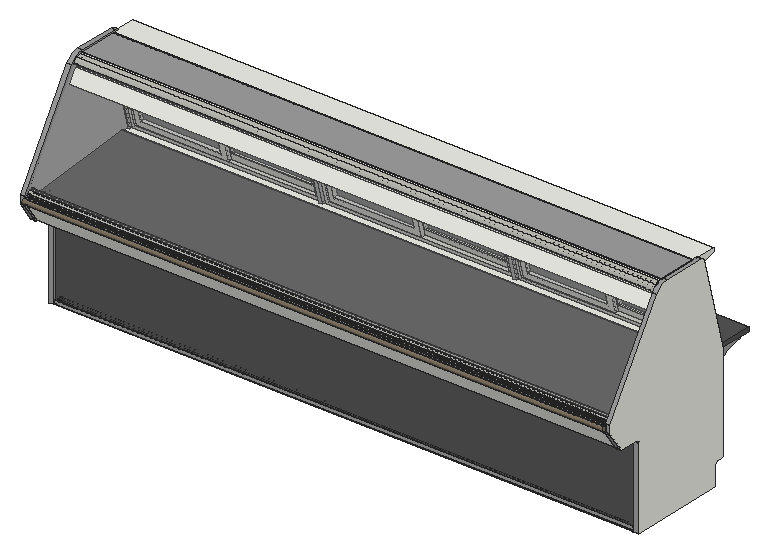
Revit family "R1-FN_2014", category Specialty Equipment, Revit 2014
Parameters (values of type "12'-0" Length")
  Width = 144"
  Waste Drain = 1 1/2"  # constant formula
  URL = "www.hussmann.com"
  Type Comments = "Chino"  # constant formula
  Trim = Stainless Steel
  Total Weight = Case Weight + (2 * End Weight)  # 0.00 lbf
  Splashguard = Textured Sheet Metal (Steel Painted) - 701 Black
  Side Panel - Right [instance] = yes
  Side Panel - Left [instance] = yes
  Shelves = Sheet Metal (Steel Painted) - 701 Black
  Revit Family Date = "04/20/2016"  # constant formula
  Refrigeration Lines Suction = 5/8"  # constant formula
  Refrigeration Lines Liquid = 3/8"  # constant formula
  Refrig. Suction = "Suction"
  Refrig. Liquid = "Liquid"
  Number of Supports = if(Width < 50", 2, if(Width < 100", 3, 4))  # 4
  Note from Manufacturer = "This model only comes in 4'-0\", 5'-0\", 6'-0\", 8'-0\", 10'-0\" and 12'-0\" lengths."
  Model URL = "http://www.hussmann.com/en/product%20viewer/display-cases/R1-MN,%20CR1-MN,%20R1-FN,%20CR1-FN"
  Model = "R1-FN"  # constant formula
  Manufacturer Disclaimer = "The information in this file is not intended to be an exact representation of the corresponding Hussmann product.  Further, we reserve the right to change or revise specifications and product design in connection with any feature of our products. Such changes do not entitle the buyer to corresponding changes, improvements, additions, or replacements for equipment previously sold or shipped."  # constant formula
  Manufacturer = "Hussmann Corporation"  # constant formula
  Height = 52 1/4"  # constant formula
  Glazing = Glass
  Ends = Textured Sheet Metal (Steel Painted) - 149 White Satin Matte
  End Weight = 0.00 lbf  # constant formula
  Door Frame = Plastic - 144 Mist Gray
  Description = "Narrow Footprint Service Merchandiser for Fresh Seafood - Straight Glass"  # constant formula
  Depth = 35 3/8"  # constant formula
  Cutsheet URL = "http://www.hussmann.com/en/Technical%20Documents/R1-MN,%20R1-FN_ds_En.pdf"
  Close Off Panel = Textured Sheet Metal (Steel Painted) - 701 Black
  Case Weight = if(Width = 48", 0.00 lbf, if(Width = 60", 0.00 lbf, if(Width = 72", 0.00 lbf, if(Width = 96", 0.00 lbf, if(Width = 120", 0.00 lbf, if(Width = 144", 0.00 lbf, 0.00 lbf))))))  # 0.00 lbf
  Case Top Shelf = Stainless Steel
  Case Interior - Side Panel = Stainless Steel
  Case Interior - Back Panel = Stainless Steel
  Case = Textured Sheet Metal (Steel Painted) - 149 White Satin Matte
  Bumper = Extruded PVC - 747 Chocolate Brown
  Assembly Code = ""
  Accessories/Options = ""
  8 Case = Width = 96"  # no
  6 Case = Width = 72"  # no
  5 Case = Width = 60"  # no
  4 Case = Width = 48"  # no
  12 Case = Width = 144"  # yes
  10 Case = Width = 120"  # no
Reference planes (in)
  plane 1 "Back": y = 0
  plane 2 "Bottom": z = 0
  plane 3 "Left": x = -77.30699
  plane 4 "Front": y = -35.375
  plane 5 "Center (Left/Right)": x = -5.30699
  plane 6: x = -78.43199
  plane 7 "Right": x = 66.69301
  plane 8: x = 67.81801
  plane 9: z = 30
  plane 10: z = 52.25
Forms (in)
  Extrusion 1, solid, material "Metal - Copper"
    sketch origin (57.40105, 5, -0.375) x (1, 0, 0) y (0, 1, 0)
      loop
        circle (6.97946, -27.375) r 0.28859
      loop
        circle (6.97946, -27.375) r 0.3125
    from 4.26162 to 0.375
  Extrusion 2, solid, material "Metal - Copper"
    sketch origin (59.82608, 5, -0.375) x (1, 0, 0) y (0, 1, 0)
      loop
        circle (5.05443, -27.375) r 0.17188
      loop
        circle (5.05443, -27.375) r 0.1875
    from 4.26162 to 0.375
  Extrusion 3, solid, material "Metal - Copper"
    sketch origin (-56.6875, 1.04319, 0) x (1, 0, 0) y (0, 1, 0)
      loop
        arc (57.38051, -17.29319) -> (56.85018, -17.51286) -> (56.63051, -18.04319) r 0.75
        arc (56.63051, -18.04319) -> (56.85018, -18.57352) -> (57.38051, -18.79319) r 0.75
        arc (57.38051, -18.79319) -> (57.91084, -18.57352) -> (58.13051, -18.04319) r 0.75
        arc (58.13051, -18.04319) -> (57.91084, -17.51286) -> (57.38051, -17.29319) r 0.75
      loop
        circle (57.38051, -18.04319) r 0.7102
    from 24.99156 to 4.93193
  Extrusion 4, solid, material "Textured Sheet Metal (Steel Painted) - 149 White Satin Matte" <- "Case"
    sketch origin (-77.30699, 0, 0) x (0, 1, 0) y (0, 0, 1)
      loop
        line (-30.96672, 21.06432) -> (-25.40014, 21.06432) -> (-25.40014, 23.42906) -> (-3.34539, 23.42906) -> (-3.34539, 22.16643) -> (-0.27239, 22.16643) -> (-0.27239, 29.18715) -> (-0.98482, 29.18715) -> (-2.04199, 28.90389) -> (-2.11789, 29.18715) -> (-4.09438, 29.18715) -> (-4.09438, 25.60021) -> (-15.14426, 24.99156) -> (-19.14426, 24.99156) -> (-28.95154, 25.61227) -> (-32.12765, 27.446) -> (-32.12765, 28.17431) -> (-32.80458, 28.17431) -> (-33.46384, 27.31514) -> (-34.47813, 27.79886) -> (-34.50504, 27.74244) -> (-34.50504, 26.30682) -> (-30.96672, 21.06432)
      loop
        spline (-18.2878, 46.64674) -> (-18.28341, 46.59034) -> (-18.27422, 46.53453) -> (-18.26029, 46.4797) -> (-18.24173, 46.42626) -> (-18.21867, 46.3746) -> (-18.19129, 46.3251) -> (-18.15977, 46.27812) -> (-18.12436, 46.234) -> (-18.08531, 46.19306) -> (-18.04291, 46.15561) -> (-17.99746, 46.12191) -> (-17.9493, 46.09222)
        line (-17.9493, 46.09222) -> (-15.84359, 44.91503)
        spline (-15.84359, 44.91503) -> (-15.83408, 44.90986) -> (-15.82435, 44.9051) -> (-15.81443, 44.90077) -> (-15.80433, 44.89688) -> (-15.79407, 44.89342) -> (-15.78367, 44.89042) -> (-15.77315, 44.88786) -> (-15.76252, 44.88576) -> (-15.75182, 44.88413) -> (-15.74106, 44.88296) -> (-15.73026, 44.88226) -> (-15.71943, 44.88202)
        line (-15.71943, 44.88202) -> (-12.357, 44.88202)
        spline (-12.357, 44.88202) -> (-12.35154, 44.88196) -> (-12.34609, 44.88179) -> (-12.34065, 44.88149) -> (-12.33521, 44.88107) -> (-12.32979, 44.88054) -> (-12.32437, 44.87989) -> (-12.31898, 44.87912) -> (-12.3136, 44.87823) -> (-12.30824, 44.87722) -> (-12.3029, 44.8761) -> (-12.29759, 44.87487) -> (-12.29231, 44.87351)
        line (-12.29231, 44.87351) -> (-10.46491, 44.38409)
        arc (-10.46491, 44.38409) -> (-10.3284, 44.40208) -> (-10.24457, 44.51132) r 0.17993
        line (-10.24457, 44.51132) -> (-9.91496, 45.74108)
        arc (-9.91496, 45.74108) -> (-9.87327, 45.84171) -> (-9.80694, 45.92812) r 0.41714
        line (-9.80694, 45.92812) -> (-9.50259, 46.23235)
        arc (-9.50259, 46.23235) -> (-9.4629, 46.28405) -> (-9.43795, 46.34427) r 0.24962
        line (-9.43795, 46.34427) -> (-8.88858, 48.39393)
        spline (-8.88858, 48.39393) -> (-8.88834, 48.40743) -> (-8.88628, 48.42076) -> (-8.88245, 48.4337) -> (-8.87691, 48.44601) -> (-8.86976, 48.45745) -> (-8.86114, 48.46784) -> (-8.8512, 48.47696) -> (-8.84012, 48.48467) -> (-8.8281, 48.49081) -> (-8.81537, 48.49528) -> (-8.80215, 48.498) -> (-8.78869, 48.49891)
        line (-8.78869, 48.49891) -> (-8.19126, 48.49891) -> (-8.5491, 49.83433) -> (-6.26045, 49.83433) -> (-5.62893, 50.01575) -> (-5.73631, 50.47827) -> (-5.51064, 50.53874) -> (-5.38898, 50.08468) -> (-1.09423, 51.31845) -> (-1.09423, 52.326) -> (-7.24048, 52.326) -> (-7.24048, 51.90126) -> (-17.14248, 51.90126) -> (-17.14248, 52.27133) -> (-17.24222, 52.27133)
        arc (-17.24222, 52.27133) -> (-17.41159, 52.04813) -> (-17.49839, 51.78172) r 0.84252
        arc (-17.49839, 51.78172) -> (-17.51191, 51.48734) -> (-17.46723, 51.19605) r 1.49024
        arc (-17.46723, 51.19605) -> (-17.30579, 51.10121) -> (-17.14248, 51.19277) r 0.18807
        line (-17.14248, 51.19277) -> (-17.14248, 49.76933) -> (-19.09326, 49.76933) -> (-20.87746, 46.94915) -> (-20.68211, 46.94915) -> (-20.00505, 48.01933) -> (-18.33581, 48.01933) -> (-18.2878, 46.64674)
    from 0 to 144 <- "Width"
  Extrusion 5, solid, material "Textured Sheet Metal (Steel Painted) - 701 Black" <- "Close Off Panel"
    sketch origin (-77.30699, 0, 0) x (0, 1, 0) y (0, 0, 1)
      loop
        line (-24.84706, 22.55058) -> (-25.34706, 22.55058) -> (-25.34706, 0.25) -> (-24.84706, 0.25) -> (-24.84706, 22.55058)
    from 0 to 144 <- "Width"
  Extrusion 6, solid, material "Stainless Steel"
    sketch origin (-77.30699, 0, 0) x (0, 1, 0) y (0, 0, 1)
      loop
        line (-25.49133, 0.092) -> (-25.49133, 1) -> (-25.55333, 1) -> (-25.55333, 0.092)
        arc (-25.55333, 0.092) -> (-25.52638, 0.02695) -> (-25.46133, 0) r 0.092
        line (-25.46133, 0) -> (-24.75206, 0)
        arc (-24.75206, 0) -> (-24.68701, 0.02695) -> (-24.66006, 0.092) r 0.092
        line (-24.66006, 0.092) -> (-24.66006, 0.846)
        arc (-24.66006, 0.846) -> (-24.62843, 0.76963) -> (-24.55206, 0.738) r 0.108
        line (-24.55206, 0.738) -> (-23.82806, 0.738)
        arc (-23.82806, 0.738) -> (-23.80685, 0.72921) -> (-23.79806, 0.708) r 0.03
        line (-23.79806, 0.708) -> (-23.79806, 0.108)
        arc (-23.79806, 0.108) -> (-23.76643, 0.03163) -> (-23.69006, 0) r 0.108
        line (-23.69006, 0) -> (-22.09006, 0)
        arc (-22.09006, 0) -> (-22.0137, 0.03163) -> (-21.98206, 0.108) r 0.108
        line (-21.98206, 0.108) -> (-21.98206, 0.708)
        arc (-21.98206, 0.708) -> (-21.97328, 0.72921) -> (-21.95206, 0.738) r 0.03
        line (-21.95206, 0.738) -> (-21.24606, 0.738) -> (-21.24606, 0.816) -> (-21.95206, 0.816)
        arc (-21.95206, 0.816) -> (-22.02843, 0.78437) -> (-22.06006, 0.708) r 0.108
        line (-22.06006, 0.708) -> (-22.06006, 0.108)
        arc (-22.06006, 0.108) -> (-22.06885, 0.08679) -> (-22.09006, 0.078) r 0.03
        line (-22.09006, 0.078) -> (-22.13106, 0.078) -> (-23.65499, 0.078) -> (-23.69006, 0.078)
        arc (-23.69006, 0.078) -> (-23.71128, 0.08679) -> (-23.72006, 0.108) r 0.03
        line (-23.72006, 0.108) -> (-23.72006, 0.708)
        arc (-23.72006, 0.708) -> (-23.7517, 0.78437) -> (-23.82806, 0.816) r 0.108
        line (-23.82806, 0.816) -> (-24.55206, 0.816)
        arc (-24.55206, 0.816) -> (-24.57328, 0.82479) -> (-24.58206, 0.846) r 0.03
        line (-24.58206, 0.846) -> (-24.58206, 1.614) -> (-24.66006, 1.614) -> (-24.72206, 1.614) -> (-24.72206, 0.092)
        arc (-24.72206, 0.092) -> (-24.73085, 0.07079) -> (-24.75206, 0.062) r 0.03
        line (-24.75206, 0.062) -> (-25.46133, 0.062)
        arc (-25.46133, 0.062) -> (-25.48254, 0.07079) -> (-25.49133, 0.092) r 0.03
      loop
        line (-5.6802, 0.816) -> (-5.6802, 0.738) -> (-4.9742, 0.738)
        arc (-4.9742, 0.738) -> (-4.95298, 0.72921) -> (-4.9442, 0.708) r 0.03
        line (-4.9442, 0.708) -> (-4.9442, 0.108)
        arc (-4.9442, 0.108) -> (-4.91256, 0.03163) -> (-4.8362, 0) r 0.108
        line (-4.8362, 0) -> (-3.2362, 0)
        arc (-3.2362, 0) -> (-3.15983, 0.03163) -> (-3.1282, 0.108) r 0.108
        line (-3.1282, 0.108) -> (-3.1282, 0.708)
        arc (-3.1282, 0.708) -> (-3.11941, 0.72921) -> (-3.0982, 0.738) r 0.03
        line (-3.0982, 0.738) -> (-2.3742, 0.738)
        arc (-2.3742, 0.738) -> (-2.29783, 0.76963) -> (-2.2662, 0.846) r 0.108
        line (-2.2662, 0.846) -> (-2.2662, 1.614) -> (-2.3442, 1.614) -> (-2.3442, 0.816) -> (-3.0982, 0.816)
        arc (-3.0982, 0.816) -> (-3.17456, 0.78437) -> (-3.2062, 0.708) r 0.108
        line (-3.2062, 0.708) -> (-3.2062, 0.078) -> (-4.79099, 0.078) -> (-4.8662, 0.078) -> (-4.8662, 0.708)
        arc (-4.8662, 0.708) -> (-4.89783, 0.78437) -> (-4.9742, 0.816) r 0.108
        line (-4.9742, 0.816) -> (-5.6802, 0.816)
      loop
        arc (-34.46545, 27.83461) -> (-34.52727, 27.82972) -> (-34.55686, 27.77522) r 0.065
        line (-34.55686, 27.77522) -> (-34.55686, 25.97822)
        arc (-34.55686, 25.97822) -> (-34.49186, 25.91322) -> (-34.42686, 25.97822) r 0.065
        line (-34.42686, 25.97822) -> (-34.42686, 26.19099) -> (-34.46186, 26.24285) -> (-34.46186, 25.97822)
        arc (-34.46186, 25.97822) -> (-34.49186, 25.94822) -> (-34.52186, 25.97822) r 0.03
        line (-34.52186, 25.97822) -> (-34.52186, 27.77522)
        arc (-34.52186, 27.77522) -> (-34.50821, 27.80037) -> (-34.47967, 27.80263) r 0.03
        line (-34.47967, 27.80263) -> (-34.25552, 27.70293) -> (-34.2413, 27.73491) -> (-34.46545, 27.83461)
      loop
        line (-31.92017, 28.21086) -> (-31.92017, 27.49715)
        arc (-31.92017, 27.49715) -> (-31.91146, 27.46465) -> (-31.88767, 27.44085) r 0.065
        line (-31.88767, 27.44085) -> (-31.35628, 27.13405) -> (-30.92326, 26.88405) -> (-30.39187, 26.57725) -> (-30.28362, 26.51475) -> (-29.759, 26.21186)
        arc (-29.759, 26.21186) -> (-29.73778, 26.20414) -> (-29.71521, 26.20414) r 0.065
        line (-29.71521, 26.20414) -> (-28.88879, 26.34986)
        arc (-28.88879, 26.34986) -> (-28.86637, 26.34489) -> (-28.85403, 26.32553) r 0.03
        line (-28.85403, 26.32553) -> (-28.75741, 25.77756)
        arc (-28.75741, 25.77756) -> (-28.73068, 25.7356) -> (-28.68211, 25.72483) r 0.065
        line (-28.68211, 25.72483) -> (-27.45412, 25.94136)
        arc (-27.45412, 25.94136) -> (-27.4317, 25.93639) -> (-27.41936, 25.91703) r 0.03
        line (-27.41936, 25.91703) -> (-27.36906, 25.63173)
        arc (-27.36906, 25.63173) -> (-27.34894, 25.59507) -> (-27.31065, 25.57826) r 0.065
        line (-27.31065, 25.57826) -> (-26.85786, 25.53905) -> (-26.85484, 25.57392) -> (-27.30763, 25.61313)
        arc (-27.30763, 25.61313) -> (-27.3253, 25.62089) -> (-27.33459, 25.6378) r 0.03
        line (-27.33459, 25.6378) -> (-27.3849, 25.9231)
        arc (-27.3849, 25.9231) -> (-27.41163, 25.96506) -> (-27.4602, 25.97583) r 0.065
        line (-27.4602, 25.97583) -> (-28.68819, 25.7593)
        arc (-28.68819, 25.7593) -> (-28.71061, 25.76427) -> (-28.72294, 25.78363) r 0.03
        line (-28.72294, 25.78363) -> (-28.81956, 26.33161)
        arc (-28.81956, 26.33161) -> (-28.84629, 26.37356) -> (-28.89486, 26.38433) r 0.065
        line (-28.89486, 26.38433) -> (-29.73204, 26.23671) -> (-30.26612, 26.54506) -> (-30.37437, 26.60756) -> (-30.90576, 26.91436) -> (-31.33878, 27.16436) -> (-31.87017, 27.47117)
        arc (-31.87017, 27.47117) -> (-31.88115, 27.48215) -> (-31.88517, 27.49715) r 0.03
        line (-31.88517, 27.49715) -> (-31.88517, 28.19844)
        arc (-31.88517, 28.19844) -> (-31.89012, 28.22331) -> (-31.90421, 28.2444) r 0.065
        line (-31.90421, 28.2444) -> (-32.3976, 28.73779)
        arc (-32.3976, 28.73779) -> (-32.44782, 28.75669) -> (-32.49514, 28.73139) r 0.065
        line (-32.49514, 28.73139) -> (-33.40093, 27.55053) -> (-33.52884, 27.34976) -> (-33.49932, 27.33095) -> (-33.37142, 27.53172) -> (-32.46737, 28.71009)
        arc (-32.46737, 28.71009) -> (-32.44553, 28.72177) -> (-32.42235, 28.71304) r 0.03
        line (-32.42235, 28.71304) -> (-31.92017, 28.21086)
    from 0 to 144 <- "Width"
  Extrusion 7, solid, material "Extruded PVC - 747 Chocolate Brown" <- "Bumper"
    sketch origin (-77.30699, 0, 0) x (0, 1, 0) y (0, 0, 1)
      loop
        line (-34.55686, 26.32272) -> (-34.55686, 27.44772) -> (-34.87277, 27.44772)
        arc (-34.87277, 27.44772) -> (-35.375, 26.88522) -> (-34.87277, 26.32272) r 0.56612
        line (-34.87277, 26.32272) -> (-34.55686, 26.32272)
    from 0 to 144 <- "Width"
  Extrusion 8, solid, material "Glass" <- "Glazing"
    sketch origin (-77.30699, 0, 0) x (0, 1, 0) y (0, 0, 1)
      loop
        line (-33.71779, 28.13894) -> (-33.50691, 28.00466) -> (-18.73702, 51.20165) -> (-18.9479, 51.33592) -> (-33.71779, 28.13894)
    from 0 to 144 <- "Width"
  Extrusion 9, solid, material "Stainless Steel" <- "Case Interior - Back Panel"
    sketch origin (-77.30699, 0, 0) x (0, 1, 0) y (0, 0, 1)
      loop
        line (-0.24906, 7.28528) -> (-15.30136, 7.28528) -> (-15.30136, 23.36643) -> (-15.34936, 23.36643) -> (-15.34936, 7.23728) -> (-0.28406, 7.23728) -> (-0.28406, 5.91743)
        arc (-0.28406, 5.91743) -> (-0.29285, 5.89622) -> (-0.31406, 5.88743) r 0.03
        line (-0.31406, 5.88743) -> (-0.94208, 5.88743)
        arc (-0.94208, 5.88743) -> (-0.96506, 5.89814) -> (-0.97162, 5.92264) r 0.03
        line (-0.97162, 5.92264) -> (-0.93342, 6.1393) -> (-0.96789, 6.14537) -> (-1.00609, 5.92872)
        arc (-1.00609, 5.92872) -> (-0.99187, 5.87565) -> (-0.94208, 5.85243) r 0.065
        line (-0.94208, 5.85243) -> (-0.31406, 5.85243)
        arc (-0.31406, 5.85243) -> (-0.2681, 5.87147) -> (-0.24906, 5.91743) r 0.065
        line (-0.24906, 5.91743) -> (-0.24906, 7.28528)
    from 0 to 144 <- "Width"
  Extrusion 10, solid, material "Stainless Steel"
    sketch origin (-77.30699, 0, 0) x (0, 1, 0) y (0, 0, 1)
      loop
        line (-2.2662, 1.614) -> (-2.2662, 6.49443) -> (-0.34418, 6.49443) -> (-0.40618, 6.55643) -> (-2.33206, 6.55643) -> (-2.33206, 1.614) -> (-2.2662, 1.614)
    from 0 to 144 <- "Width"
  Extrusion 11, solid, material "Plastic - 144 Mist Gray" <- "Door Frame"
    sketch origin (-77.30699, 0, 0) x (0, 1, 0) y (0, 0, 1)
      loop
        line (-33.72482, 28.14341) -> (-33.33865, 28.7499) -> (-33.39093, 28.78319) -> (-33.7771, 28.17669)
        arc (-33.7771, 28.17669) -> (-33.78532, 28.12996) -> (-33.7581, 28.0911) r 0.062
        line (-33.7581, 28.0911) -> (-33.54746, 27.95793)
        arc (-33.54746, 27.95793) -> (-33.50115, 27.9505) -> (-33.46279, 27.9775) r 0.06227
        line (-33.46279, 27.9775) -> (-33.44451, 28.00667)
        arc (-33.44451, 28.00667) -> (-33.40567, 28.03351) -> (-33.3592, 28.02522) r 0.062
        line (-33.3592, 28.02522) -> (-33.2959, 27.98492)
        arc (-33.2959, 27.98492) -> (-33.23508, 28.02186) -> (-33.23153, 28.09294) r 0.07595
        line (-33.23153, 28.09294) -> (-33.27324, 28.04573) -> (-33.37666, 28.11156) -> (-33.1091, 28.53194) -> (-33.00372, 28.46485) -> (-33.03947, 28.40802)
        arc (-33.03947, 28.40802) -> (-32.9717, 28.43804) -> (-32.96107, 28.51139) r 0.07661
        line (-32.96107, 28.51139) -> (-33.12047, 28.61159) -> (-33.50691, 28.00466) -> (-33.72482, 28.14341)
      loop
        arc (-18.63187, 51.85636) -> (-19.2171, 51.39473) -> (-19.4787, 50.69676) r 1.38647
        arc (-19.4787, 50.69676) -> (-19.45904, 50.65784) -> (-19.41544, 50.65808) r 0.04142
        line (-19.41544, 50.65808) -> (-19.4265, 50.719) -> (-19.37252, 50.72951) -> (-19.35591, 50.75559) -> (-19.32851, 50.73815) -> (-18.9479, 51.33592) -> (-18.73702, 51.20165) -> (-19.11763, 50.60388) -> (-19.09023, 50.58643) -> (-19.1319, 50.52089)
        arc (-19.1319, 50.52089) -> (-19.13976, 50.47638) -> (-19.11385, 50.43934) r 0.05906
        line (-19.11385, 50.43934) -> (-19.01426, 50.37585)
        arc (-19.01426, 50.37585) -> (-18.99942, 50.37323) -> (-18.98707, 50.38187) r 0.01969
        line (-18.98707, 50.38187) -> (-18.85205, 50.59368) -> (-18.83137, 50.56357) -> (-18.7405, 50.62598) -> (-18.78767, 50.69466) -> (-18.73709, 50.774) -> (-18.66911, 50.67502) -> (-18.60745, 50.71737) -> (-18.57309, 50.66735) -> (-18.83938, 50.47387)
        arc (-18.83938, 50.47387) -> (-18.84725, 50.46103) -> (-18.84374, 50.44638) r 0.01969
        line (-18.84374, 50.44638) -> (-18.46465, 49.92461)
        arc (-18.46465, 49.92461) -> (-18.37375, 49.84079) -> (-18.25759, 49.79842) r 0.31496
        line (-18.25759, 49.79842) -> (-18.06789, 49.76933) -> (-17.14248, 49.76933) -> (-17.14248, 50.46293) -> (-18.02173, 51.98584)
        arc (-18.02173, 51.98584) -> (-17.73464, 52.03241) -> (-17.44456, 52.05343) r 3.28694
        arc (-17.44456, 52.05343) -> (-17.4063, 52.0937) -> (-17.44639, 52.13215) r 0.03937
        arc (-17.44639, 52.13215) -> (-18.05367, 52.05676) -> (-18.63187, 51.85636) r 2.91774
    from 0 to 144 <- "Width"
  Extrusion 12, solid, material "Sheet Metal (Steel Painted) - 701 Black" <- "Shelves"
    sketch origin (-77.30699, 0, 0) x (0, 1, 0) y (0, 0, 1)
      loop
        line (-31.04299, 27.0696) -> (-31.45611, 27.35437)
        arc (-31.45611, 27.35437) -> (-31.53023, 27.33928) -> (-31.51234, 27.26579) r 0.0525
        line (-31.51234, 27.26579) -> (-31.18835, 27.07696) -> (-31.17073, 27.10719) -> (-31.49472, 27.29603)
        arc (-31.49472, 27.29603) -> (-31.50068, 27.32052) -> (-31.47597, 27.32555) r 0.0175
        line (-31.47597, 27.32555) -> (-31.07184, 27.04698)
        arc (-31.07184, 27.04698) -> (-31.05131, 27.03759) -> (-31.02881, 27.03579) r 0.065
        line (-31.02881, 27.03579) -> (-4.64726, 29.53943)
        arc (-4.64726, 29.53943) -> (-4.62831, 29.53486) -> (-4.61616, 29.51961) r 0.03
        line (-4.61616, 29.51961) -> (-4.54023, 29.30609) -> (-4.50726, 29.31781) -> (-4.58319, 29.53134)
        arc (-4.58319, 29.53134) -> (-4.6095, 29.56438) -> (-4.65057, 29.57427) r 0.065
        line (-4.65057, 29.57427) -> (-31.04299, 27.0696)
    from 0 to 144 <- "Width"
  Extrusion 13, solid, material "Textured Sheet Metal (Steel Painted) - 149 White Satin Matte" <- "Ends", visible <- "Side Panel - Left"
    sketch origin (-77.30699, 0, 0) x (0, 1, 0) y (0, 0, 1)
      loop
        arc (-16.63329, 52.50452) -> (-18.55768, 52.01119) -> (-20.00739, 50.65287) r 4
        line (-20.00739, 50.65287) -> (-34.55686, 27.80208) -> (-34.55686, 25.90352)
        arc (-34.55686, 25.90352) -> (-34.54539, 25.82867) -> (-34.51203, 25.76068) r 0.25
        line (-34.51203, 25.76068) -> (-31.22177, 21.03474)
        arc (-31.22177, 21.03474) -> (-31.04289, 20.87723) -> (-30.81142, 20.82043) r 0.5
        line (-30.81142, 20.82043) -> (-26.34809, 20.82043)
        arc (-26.34809, 20.82043) -> (-25.85312, 20.6154) -> (-25.64809, 20.12043) r 0.7
        line (-25.64809, 20.12043) -> (-25.64809, 0) -> (-1.99218, 0) -> (-1.99218, 4.74571)
        arc (-1.99218, 4.74571) -> (-1.78716, 5.24069) -> (-1.29218, 5.44571) r 0.7
        line (-1.29218, 5.44571) -> (-0.30473, 5.44571)
        arc (-0.30473, 5.44571) -> (0.19024, 5.65074) -> (0.39527, 6.14571) r 0.7
        line (0.39527, 6.14571) -> (0.39527, 29.37082)
        arc (0.39527, 29.37082) -> (0.38946, 29.46084) -> (0.37212, 29.54936) r 0.7
        line (0.37212, 29.54936) -> (-5.5455, 51.98307)
        arc (-5.5455, 51.98307) -> (-5.79514, 52.35904) -> (-6.22235, 52.50452) r 0.7
        line (-6.22235, 52.50452) -> (-16.63329, 52.50452)
    from 0 to -1.125
  Extrusion 14, solid, material "Textured Sheet Metal (Steel Painted) - 149 White Satin Matte" <- "Ends", visible <- "Side Panel - Right"
    sketch origin (18.69301, 0, 0) x (0, 1, 0) y (0, 0, -1)
      loop
        line (-16.63329, -52.50452) -> (-6.22235, -52.50452)
        arc (-6.22235, -52.50452) -> (-5.79514, -52.35904) -> (-5.5455, -51.98307) r 0.7
        line (-5.5455, -51.98307) -> (0.37212, -29.54936)
        arc (0.37212, -29.54936) -> (0.38946, -29.46084) -> (0.39527, -29.37082) r 0.7
        line (0.39527, -29.37082) -> (0.39527, -6.14571)
        arc (0.39527, -6.14571) -> (0.19024, -5.65074) -> (-0.30473, -5.44571) r 0.7
        line (-0.30473, -5.44571) -> (-1.29218, -5.44571)
        arc (-1.29218, -5.44571) -> (-1.78716, -5.24069) -> (-1.99218, -4.74571) r 0.7
        line (-1.99218, -4.74571) -> (-1.99218, 0) -> (-25.64809, 0) -> (-25.64809, -20.12043)
        arc (-25.64809, -20.12043) -> (-25.85312, -20.6154) -> (-26.34809, -20.82043) r 0.7
        line (-26.34809, -20.82043) -> (-30.81142, -20.82043)
        arc (-30.81142, -20.82043) -> (-31.04289, -20.87723) -> (-31.22177, -21.03474) r 0.5
        line (-31.22177, -21.03474) -> (-34.51203, -25.76068)
        arc (-34.51203, -25.76068) -> (-34.54539, -25.82867) -> (-34.55686, -25.90352) r 0.25
        line (-34.55686, -25.90352) -> (-34.55686, -27.80208) -> (-20.00739, -50.65287)
        arc (-20.00739, -50.65287) -> (-18.55768, -52.01119) -> (-16.63329, -52.50452) r 4
    from -48 to -49.125
  Extrusion 15, solid, material "Stainless Steel" <- "Case Top Shelf"
    sketch origin (-77.30699, 0, 0) x (0, 1, 0) y (0, 0, 1)
      loop
        line (-7.28259, 51.90126) -> (-7.28259, 52.233)
        arc (-7.28259, 52.233) -> (-7.30983, 52.29876) -> (-7.37559, 52.326) r 0.093
        line (-7.37559, 52.326) -> (-17.03575, 52.326)
        arc (-17.03575, 52.326) -> (-17.10151, 52.29876) -> (-17.12875, 52.233) r 0.093
        line (-17.12875, 52.233) -> (-17.12875, 51.90126) -> (-7.28259, 51.90126)
    from 0 to 144 <- "Width"
  Extrusion 16, solid, material "Stainless Steel" <- "Case Interior - Back Panel", visible <- "12 Case"
    sketch origin (-77.30699, 0, 0) x (0, 1, 0) y (0, 0, 1)
      loop
        line (-2.77626, 29.18715) -> (-0.03157, 29.18715) -> (-5.56377, 49.83433) -> (-8.30865, 49.83433) -> (-2.77626, 29.18715)
    from 0 to 0.5
  Extrusion 17, solid, material "Stainless Steel" <- "Case Interior - Back Panel", visible <- "12 Case"
    sketch origin (-77.30699, 0, 0) x (0, 1, 0) y (0, 0, 1)
      loop
        line (-2.77626, 29.18715) -> (-0.03157, 29.18715) -> (-5.56377, 49.83433) -> (-8.30865, 49.83433) -> (-2.77626, 29.18715)
    from 47.5 to 48.5
  Extrusion 18, solid, material "Stainless Steel" <- "Case Interior - Back Panel", visible <- "12 Case"
    sketch origin (-77.30699, 0, 0) x (0, 1, 0) y (0, 0, 1)
      loop
        line (-2.77626, 29.18715) -> (-0.03157, 29.18715) -> (-5.56377, 49.83433) -> (-8.30865, 49.83433) -> (-2.77626, 29.18715)
    from 95.5 to 96.5
  Extrusion 19, solid, material "Stainless Steel" <- "Case Interior - Back Panel", visible <- "12 Case"
    sketch origin (-77.30699, 0, 0) x (0, 1, 0) y (0, 0, 1)
      loop
        line (-2.77626, 29.18715) -> (-0.03157, 29.18715) -> (-5.56377, 49.83433) -> (-8.30865, 49.83433) -> (-2.77626, 29.18715)
    from 143.5 to 144
  Extrusion 20, solid, material "Stainless Steel" <- "Case Interior - Back Panel", visible <- "10 Case"
    sketch origin (-77.30699, 0, 0) x (0, 1, 0) y (0, 0, 1)
      loop
        line (-2.77626, 29.18715) -> (-0.03157, 29.18715) -> (-5.56377, 49.83433) -> (-8.30865, 49.83433) -> (-2.77626, 29.18715)
    from 0 to 0.5
  Extrusion 21, solid, material "Stainless Steel" <- "Case Interior - Back Panel", visible <- "10 Case"
    sketch origin (-77.30699, 0, 0) x (0, 1, 0) y (0, 0, 1)
      loop
        line (-2.77626, 29.18715) -> (-0.03157, 29.18715) -> (-5.56377, 49.83433) -> (-8.30865, 49.83433) -> (-2.77626, 29.18715)
    from 59.5 to 60.5
  Extrusion 22, solid, material "Stainless Steel" <- "Case Interior - Back Panel", visible <- "10 Case"
    sketch origin (-77.30699, 0, 0) x (0, 1, 0) y (0, 0, 1)
      loop
        line (-2.77626, 29.18715) -> (-0.03157, 29.18715) -> (-5.56377, 49.83433) -> (-8.30865, 49.83433) -> (-2.77626, 29.18715)
    from 119.5 to 120
  Extrusion 23, solid, material "Stainless Steel" <- "Case Interior - Back Panel", visible <- "8 Case"
    sketch origin (-77.30699, 0, 0) x (0, 1, 0) y (0, 0, 1)
      loop
        line (-2.77626, 29.18715) -> (-0.03157, 29.18715) -> (-5.56377, 49.83433) -> (-8.30865, 49.83433) -> (-2.77626, 29.18715)
    from 0 to 0.5
  Extrusion 24, solid, material "Stainless Steel" <- "Case Interior - Back Panel", visible <- "8 Case"
    sketch origin (-77.30699, 0, 0) x (0, 1, 0) y (0, 0, 1)
      loop
        line (-2.77626, 29.18715) -> (-0.03157, 29.18715) -> (-5.56377, 49.83433) -> (-8.30865, 49.83433) -> (-2.77626, 29.18715)
    from 47.5 to 48.5
  Extrusion 25, solid, material "Stainless Steel" <- "Case Interior - Back Panel", visible <- "8 Case"
    sketch origin (-77.30699, 0, 0) x (0, 1, 0) y (0, 0, 1)
      loop
        line (-2.77626, 29.18715) -> (-0.03157, 29.18715) -> (-5.56377, 49.83433) -> (-8.30865, 49.83433) -> (-2.77626, 29.18715)
    from 95.5 to 96
  Extrusion 26, solid, material "Stainless Steel" <- "Case Interior - Back Panel", visible <- "6 Case"
    sketch origin (-77.30699, 0, 0) x (0, 1, 0) y (0, 0, 1)
      loop
        line (-2.77626, 29.18715) -> (-0.03157, 29.18715) -> (-5.56377, 49.83433) -> (-8.30865, 49.83433) -> (-2.77626, 29.18715)
    from 0 to 0.5
  Extrusion 27, solid, material "Stainless Steel" <- "Case Interior - Back Panel", visible <- "6 Case"
    sketch origin (-77.30699, 0, 0) x (0, 1, 0) y (0, 0, 1)
      loop
        line (-2.77626, 29.18715) -> (-0.03157, 29.18715) -> (-5.56377, 49.83433) -> (-8.30865, 49.83433) -> (-2.77626, 29.18715)
    from 71.5 to 72
  Extrusion 28, solid, material "Stainless Steel" <- "Case Interior - Back Panel", visible <- "5 Case"
    sketch origin (-77.30699, 0, 0) x (0, 1, 0) y (0, 0, 1)
      loop
        line (-2.77626, 29.18715) -> (-0.03157, 29.18715) -> (-5.56377, 49.83433) -> (-8.30865, 49.83433) -> (-2.77626, 29.18715)
    from 0 to 0.5
  Extrusion 29, solid, material "Stainless Steel" <- "Case Interior - Back Panel", visible <- "5 Case"
    sketch origin (-77.30699, 0, 0) x (0, 1, 0) y (0, 0, 1)
      loop
        line (-2.77626, 29.18715) -> (-0.03157, 29.18715) -> (-5.56377, 49.83433) -> (-8.30865, 49.83433) -> (-2.77626, 29.18715)
    from 59.5 to 60
  Extrusion 30, solid, material "Stainless Steel" <- "Case Interior - Back Panel", visible <- "4 Case"
    sketch origin (-77.30699, 0, 0) x (0, 1, 0) y (0, 0, 1)
      loop
        line (-2.77626, 29.18715) -> (-0.03157, 29.18715) -> (-5.56377, 49.83433) -> (-8.30865, 49.83433) -> (-2.77626, 29.18715)
    from 0 to 0.5
  Extrusion 31, solid, material "Stainless Steel" <- "Case Interior - Back Panel", visible <- "4 Case"
    sketch origin (-77.30699, 0, 0) x (0, 1, 0) y (0, 0, 1)
      loop
        line (-2.77626, 29.18715) -> (-0.03157, 29.18715) -> (-5.56377, 49.83433) -> (-8.30865, 49.83433) -> (-2.77626, 29.18715)
    from 47.5 to 48
  Extrusion 32, solid, material "Stainless Steel" <- "Case Interior - Back Panel", visible <- "12 Case", not visible
    sketch origin (-77.30699, 0, 0) x (0, 1, 0) y (0, 0, 1)
      loop
        line (-2.77626, 29.18715) -> (-0.03157, 29.18715) -> (-5.56377, 49.83433) -> (-8.30865, 49.83433) -> (-2.77626, 29.18715)
    from 0 to 0.5
  Extrusion 33, solid, material "Stainless Steel" <- "Case Interior - Back Panel", visible <- "12 Case", not visible
    sketch origin (-77.30699, 0, 0) x (0, 1, 0) y (0, 0, 1)
      loop
        line (-2.77626, 29.18715) -> (-0.03157, 29.18715) -> (-5.56377, 49.83433) -> (-8.30865, 49.83433) -> (-2.77626, 29.18715)
    from 47.5 to 48.5
  Extrusion 34, solid, material "Stainless Steel" <- "Case Interior - Back Panel", visible <- "12 Case", not visible
    sketch origin (-77.30699, 0, 0) x (0, 1, 0) y (0, 0, 1)
      loop
        line (-2.77626, 29.18715) -> (-0.03157, 29.18715) -> (-5.56377, 49.83433) -> (-8.30865, 49.83433) -> (-2.77626, 29.18715)
    from 95.5 to 96.5
  Extrusion 35, solid, material "Stainless Steel" <- "Case Interior - Back Panel", visible <- "12 Case", not visible
    sketch origin (-77.30699, 0, 0) x (0, 1, 0) y (0, 0, 1)
      loop
        line (-2.77626, 29.18715) -> (-0.03157, 29.18715) -> (-5.56377, 49.83433) -> (-8.30865, 49.83433) -> (-2.77626, 29.18715)
    from 143.5 to 144
  Extrusion 36, solid, material "Stainless Steel" <- "Case Interior - Back Panel", visible <- "10 Case", not visible
    sketch origin (-77.30699, 0, 0) x (0, 1, 0) y (0, 0, 1)
      loop
        line (-2.77626, 29.18715) -> (-0.03157, 29.18715) -> (-5.56377, 49.83433) -> (-8.30865, 49.83433) -> (-2.77626, 29.18715)
    from 0 to 0.5
  Extrusion 37, solid, material "Stainless Steel" <- "Case Interior - Back Panel", visible <- "10 Case", not visible
    sketch origin (-77.30699, 0, 0) x (0, 1, 0) y (0, 0, 1)
      loop
        line (-2.77626, 29.18715) -> (-0.03157, 29.18715) -> (-5.56377, 49.83433) -> (-8.30865, 49.83433) -> (-2.77626, 29.18715)
    from 59.5 to 60.5
  Extrusion 38, solid, material "Stainless Steel" <- "Case Interior - Back Panel", visible <- "10 Case", not visible
    sketch origin (-77.30699, 0, 0) x (0, 1, 0) y (0, 0, 1)
      loop
        line (-2.77626, 29.18715) -> (-0.03157, 29.18715) -> (-5.56377, 49.83433) -> (-8.30865, 49.83433) -> (-2.77626, 29.18715)
    from 119.5 to 120
  Extrusion 39, solid, material "Stainless Steel" <- "Case Interior - Back Panel", visible <- "8 Case", not visible
    sketch origin (-77.30699, 0, 0) x (0, 1, 0) y (0, 0, 1)
      loop
        line (-2.77626, 29.18715) -> (-0.03157, 29.18715) -> (-5.56377, 49.83433) -> (-8.30865, 49.83433) -> (-2.77626, 29.18715)
    from 0 to 0.5
  Extrusion 40, solid, material "Stainless Steel" <- "Case Interior - Back Panel", visible <- "8 Case", not visible
    sketch origin (-77.30699, 0, 0) x (0, 1, 0) y (0, 0, 1)
      loop
        line (-2.77626, 29.18715) -> (-0.03157, 29.18715) -> (-5.56377, 49.83433) -> (-8.30865, 49.83433) -> (-2.77626, 29.18715)
    from 47.5 to 48.5
  Extrusion 41, solid, material "Stainless Steel" <- "Case Interior - Back Panel", visible <- "8 Case", not visible
    sketch origin (-77.30699, 0, 0) x (0, 1, 0) y (0, 0, 1)
      loop
        line (-2.77626, 29.18715) -> (-0.03157, 29.18715) -> (-5.56377, 49.83433) -> (-8.30865, 49.83433) -> (-2.77626, 29.18715)
    from 95.5 to 96
  Extrusion 42, solid, material "Stainless Steel" <- "Case Interior - Back Panel", visible <- "6 Case", not visible
    sketch origin (-77.30699, 0, 0) x (0, 1, 0) y (0, 0, 1)
      loop
        line (-2.77626, 29.18715) -> (-0.03157, 29.18715) -> (-5.56377, 49.83433) -> (-8.30865, 49.83433) -> (-2.77626, 29.18715)
    from 0 to 0.5
  Extrusion 43, solid, material "Stainless Steel" <- "Case Interior - Back Panel", visible <- "6 Case", not visible
    sketch origin (-77.30699, 0, 0) x (0, 1, 0) y (0, 0, 1)
      loop
        line (-2.77626, 29.18715) -> (-0.03157, 29.18715) -> (-5.56377, 49.83433) -> (-8.30865, 49.83433) -> (-2.77626, 29.18715)
    from 71.5 to 72
  Extrusion 44, solid, material "Stainless Steel" <- "Case Interior - Back Panel", visible <- "5 Case", not visible
    sketch origin (-77.30699, 0, 0) x (0, 1, 0) y (0, 0, 1)
      loop
        line (-2.77626, 29.18715) -> (-0.03157, 29.18715) -> (-5.56377, 49.83433) -> (-8.30865, 49.83433) -> (-2.77626, 29.18715)
    from 0 to 0.5
  Extrusion 45, solid, material "Stainless Steel" <- "Case Interior - Back Panel", visible <- "5 Case", not visible
    sketch origin (-77.30699, 0, 0) x (0, 1, 0) y (0, 0, 1)
      loop
        line (-2.77626, 29.18715) -> (-0.03157, 29.18715) -> (-5.56377, 49.83433) -> (-8.30865, 49.83433) -> (-2.77626, 29.18715)
    from 59.5 to 60
  Extrusion 46, solid, material "Stainless Steel" <- "Case Interior - Back Panel", visible <- "4 Case", not visible
    sketch origin (-77.30699, 0, 0) x (0, 1, 0) y (0, 0, 1)
      loop
        line (-2.77626, 29.18715) -> (-0.03157, 29.18715) -> (-5.56377, 49.83433) -> (-8.30865, 49.83433) -> (-2.77626, 29.18715)
    from 0 to 0.5
  Extrusion 47, solid, material "Stainless Steel" <- "Case Interior - Back Panel", visible <- "4 Case", not visible
    sketch origin (-77.30699, 0, 0) x (0, 1, 0) y (0, 0, 1)
      loop
        line (-2.77626, 29.18715) -> (-0.03157, 29.18715) -> (-5.56377, 49.83433) -> (-8.30865, 49.83433) -> (-2.77626, 29.18715)
    from 47.5 to 48
Lines and regions (in)
  reference lines
    curve 1: line (0.69301, -35.375, 0) -> (0.69301, 0, 0)
    curve 2: line (64.69301, -35.375, 0) -> (64.69301, 0, 0)
    curve 3: line (-77.30699, -17, 0) -> (66.69301, -17, 0)
    curve 4: line (66.69301, -22.375, 0) -> (-77.30699, -22.375, 0)
    curve 5: line (-75.30699, 3.1829, 0) -> (-75.30699, -42.8171, 0)
Dimensions and locks (in)
  equal spacing: plane 3 "Left", plane 5 "Center (Left/Right)", plane 7 "Right"
  plane 6 to plane 3 "Left" = 1 1/8"
  "Width": plane 3 "Left" to plane 7 "Right"
  locked: plane 5 "Center (Left/Right)" to curve 1 at 6
  "Depth": plane 4 "Front" to plane 1 "Back"
  curve 2 to plane 7 "Right" = 2"
  locked: plane 1 "Back" to curve 3 at 17
  locked: plane 1 "Back" to curve 4 at 22.375
  locked: plane 7 "Right" to plane 8 at 1.125
  locked: Extrusion 3 sketch curve to Extrusion 3 sketch curve at 0.0398
  locked: Extrusion 2 sketch curve to Extrusion 2 sketch curve at 0.01562
  locked: Extrusion 1 sketch curve to Extrusion 1 sketch curve at 0.02391
  "Height": plane 10 to level
  plane 3 "Left" to curve 5 = 2"
  equal spacing: group 1, group 3, group 4, group 2  (x3)
  "Waste Drain": diameter of Extrusion 3 sketch curve
  "Refrigeration Lines Liquid": diameter of Extrusion 2 sketch curve
  "Refrigeration Lines Suction": diameter of Extrusion 1 sketch curve
  aligned and locked: plane 4 "Front" to curve 1
  aligned and locked: plane 3 "Left" to curve 3
  aligned and locked: plane 3 "Left" to curve 4
  aligned and locked: plane 7 "Right" to curve 4
  aligned and locked: plane 7 "Right" to curve 3
  aligned and locked: Extrusion 1 to level
  aligned and locked: Extrusion 2 to level
  aligned and locked: curve 4 to Extrusion 2 sketch curve  (x4)
  aligned and locked: curve 4 to Extrusion 1 sketch curve  (x4)
  aligned and locked: curve 3 to Extrusion 3 sketch curve
  aligned and locked: curve 1 to Extrusion 3 sketch curve
  aligned and locked: curve 2 to Extrusion 2 sketch curve
  aligned and locked: curve 2 to Extrusion 1 sketch curve
  aligned and locked: curve 5 to nested 1
  aligned and locked: curve 2 to nested 2
  aligned and locked: plane 3 "Left" to nested 3
  aligned and locked: nested 3 to Extrusion 4
  aligned and locked: Extrusion 4 to nested 5
  aligned and locked: plane 3 "Left" to nested 5
  aligned and locked: plane 3 "Left" to nested 4
  aligned and locked: Extrusion 14 to plane 7 "Right"
  aligned and locked: plane 8 to Extrusion 14
  aligned and locked: Extrusion 15 to plane 3 "Left"
Automatic sketch dimensions
  curve 2 to plane 4 "Front" = 0"
  plane 1 "Back" to curve 1 = 0"
  plane 1 "Back" to curve 2 = 0"
  curve 5 to plane 4 "Front" = 7.4421"
  curve 5 to plane 1 "Back" = 3.1829"
  plane 4 "Front" to Extrusion 4 sketch curve = 0.86996"
  Extrusion 4 sketch curve to Extrusion 4 sketch curve = 0.0269"
  Extrusion 4 sketch curve to Extrusion 4 sketch curve = 1.01429"
  Extrusion 4 sketch curve to Extrusion 4 sketch curve = 0.65926"
  Extrusion 4 sketch curve to Extrusion 4 sketch curve = 0.67693"
  plane 4 "Front" to Extrusion 4 sketch curve = 4.40828"
  Extrusion 4 sketch curve to Extrusion 4 sketch curve = 3.17611"
  Extrusion 4 sketch curve to Extrusion 4 sketch curve = 3.5514"
  Extrusion 4 sketch curve to plane 10 = 5.30085"
  plane 4 "Front" to Extrusion 4 sketch curve = 14.49754"
  Extrusion 4 sketch curve to Extrusion 4 sketch curve = 0.19535"
  Extrusion 4 sketch curve to plane 10 = 4.23067"
  Extrusion 4 sketch curve to Extrusion 4 sketch curve = 0.67705"
  Extrusion 4 sketch curve to Extrusion 4 sketch curve = 6.25588"
  Extrusion 4 sketch curve to plane 10 = 2.48067"
  Extrusion 4 sketch curve to Extrusion 4 sketch curve = 0.91179"
  Extrusion 4 sketch curve to Extrusion 4 sketch curve = 1.66924"
  Extrusion 4 sketch curve to plane 10 = 5.60326"
  Extrusion 4 sketch curve to Extrusion 4 sketch curve = 0.04801"
  Extrusion 4 sketch curve to plane 10 = 6.15778"
  Extrusion 4 sketch curve to Extrusion 4 sketch curve = 0.3385"
  Extrusion 4 sketch curve to plane 10 = 0.96073"
  Extrusion 4 sketch curve to Extrusion 4 sketch curve = 1.78937"
  plane 10 to Extrusion 4 sketch curve = 0.02133"
  Extrusion 4 sketch curve to Extrusion 4 sketch curve = 0.06167"
  Extrusion 4 sketch curve to Extrusion 4 sketch curve = 0.09975"
  Extrusion 4 sketch curve to plane 10 = 1.05723"
  Extrusion 4 sketch curve to Extrusion 4 sketch curve = 0.16142"
  Extrusion 4 sketch curve to Extrusion 4 sketch curve = 0"  (x4)
  Extrusion 4 sketch curve to Extrusion 4 sketch curve = 0.4774"
  Extrusion 4 sketch curve to Extrusion 4 sketch curve = 0.6413"
  Extrusion 4 sketch curve to Extrusion 4 sketch curve = 2.10571"
  Extrusion 4 sketch curve to Extrusion 4 sketch curve = 0.12416"
  Extrusion 4 sketch curve to Extrusion 4 sketch curve = 4"
  Extrusion 4 sketch curve to Extrusion 4 sketch curve = 3.36243"
  Extrusion 4 sketch curve to Extrusion 4 sketch curve = 0.06468"
  Extrusion 4 sketch curve to Extrusion 4 sketch curve = 1.8274"
  Extrusion 4 sketch curve to Extrusion 4 sketch curve = 0.04655"
  Extrusion 4 sketch curve to Extrusion 4 sketch curve = 0.17379"
  Extrusion 4 sketch curve to plane 10 = 6.50892"
  Extrusion 4 sketch curve to Extrusion 4 sketch curve = 0.32961"
  Extrusion 4 sketch curve to plane 10 = 6.32188"
  Extrusion 4 sketch curve to Extrusion 4 sketch curve = 0.10802"
  Extrusion 4 sketch curve to Extrusion 4 sketch curve = 0.12788"
  Extrusion 4 sketch curve to Extrusion 4 sketch curve = 0.2949"
  Extrusion 4 sketch curve to plane 10 = 6.01765"
  Extrusion 4 sketch curve to Extrusion 4 sketch curve = 0.17647"
  Extrusion 4 sketch curve to plane 10 = 5.90573"
  Extrusion 4 sketch curve to Extrusion 4 sketch curve = 0.06464"
  Extrusion 4 sketch curve to plane 10 = 3.85607"
  Extrusion 4 sketch curve to Extrusion 4 sketch curve = 0.54937"
  Extrusion 4 sketch curve to Extrusion 4 sketch curve = 0.09989"
  Extrusion 4 sketch curve to plane 10 = 2.41567"
  Extrusion 4 sketch curve to Extrusion 4 sketch curve = 0.23959"
  Extrusion 4 sketch curve to plane 10 = 3.75109"
  Extrusion 4 sketch curve to Extrusion 4 sketch curve = 0.59742"
  plane 10 to Extrusion 4 sketch curve = 0.076"
  Extrusion 4 sketch curve to Extrusion 4 sketch curve = 1.30862"
  Extrusion 4 sketch curve to Extrusion 4 sketch curve = 0.98002"
  Extrusion 4 sketch curve to plane 10 = 1.77173"
  Extrusion 4 sketch curve to Extrusion 4 sketch curve = 0.52414"
  Extrusion 4 sketch curve to plane 10 = 2.23425"
  Extrusion 4 sketch curve to Extrusion 4 sketch curve = 0.10738"
  Extrusion 4 sketch curve to plane 10 = 1.71126"
  Extrusion 4 sketch curve to Extrusion 4 sketch curve = 0.22567"
  Extrusion 4 sketch curve to plane 10 = 2.16532"
  plane 1 "Back" to Extrusion 4 sketch curve = 4.09438"
  Extrusion 4 sketch curve to Extrusion 4 sketch curve = 0.74899"
  Extrusion 4 sketch curve to plane 9 = 0.81285"  (x2)
  Extrusion 4 sketch curve to Extrusion 4 sketch curve = 1.97649"
  Extrusion 4 sketch curve to plane 9 = 1.09611"
  Extrusion 4 sketch curve to Extrusion 4 sketch curve = 0.0759"
  plane 1 "Back" to Extrusion 4 sketch curve = 1.09423"
  plane 1 "Back" to Extrusion 4 sketch curve = 0.27239"
  Extrusion 4 sketch curve to plane 9 = 1.82569"
  Extrusion 4 sketch curve to Extrusion 4 sketch curve = 0.37545"
  Extrusion 4 sketch curve to Extrusion 4 sketch curve = 0.05641"
  Extrusion 4 sketch curve to Extrusion 4 sketch curve = 0.72831"
  Extrusion 4 sketch curve to Extrusion 4 sketch curve = 1.43563"
  Extrusion 4 sketch curve to Extrusion 4 sketch curve = 1.83373"
  Extrusion 4 sketch curve to Extrusion 4 sketch curve = 3.58694"
  Extrusion 4 sketch curve to plane 9 = 5.00844"
  Extrusion 4 sketch curve to Extrusion 4 sketch curve = 2.18321"
  Extrusion 4 sketch curve to Extrusion 4 sketch curve = 1.26264"
  Extrusion 4 sketch curve to Extrusion 4 sketch curve = 4.54795"
  Extrusion 4 sketch curve to Extrusion 4 sketch curve = 1.35699"
  Extrusion 4 sketch curve to Extrusion 4 sketch curve = 0.12722"
  Extrusion 4 sketch curve to Extrusion 4 sketch curve = 0.48942"
  Extrusion 4 sketch curve to Extrusion 4 sketch curve = 1.2102"
  Extrusion 4 sketch curve to Extrusion 4 sketch curve = 0.00851"
  Extrusion 4 sketch curve to Extrusion 4 sketch curve = 0.03301"
  Extrusion 4 sketch curve to plane 10 = 0.93155"
  Extrusion 4 sketch curve to plane 10 = 0.68348"
  Extrusion 4 sketch curve to plane 10 = 0.59246"
  Extrusion 4 sketch curve to plane 10 = 0.34874"
  Extrusion 4 sketch curve to Extrusion 4 sketch curve = 0.00054"
  Extrusion 4 sketch curve to Extrusion 4 sketch curve = 0.32309"
  Extrusion 4 sketch curve to Extrusion 4 sketch curve = 0.35592"
  Extrusion 4 sketch curve to Extrusion 4 sketch curve = 0.1214"
  Extrusion 4 sketch curve to Extrusion 4 sketch curve = 0.24952"
  Extrusion 4 sketch curve to Extrusion 4 sketch curve = 0.07802"
  plane 4 "Front" to Extrusion 5 sketch curve = 10.02794"
  Extrusion 5 sketch curve to Extrusion 5 sketch curve = 1/2"
  level to Extrusion 5 sketch curve = 1/4"
  Extrusion 5 sketch curve to plane 9 = 7.44942"
  Extrusion 6 sketch curve to Extrusion 6 sketch curve = 0"  (x34)
  Extrusion 6 sketch curve to level = 0"  (x3)
  plane 4 "Front" to Extrusion 6 sketch curve = 0.81814"
  Extrusion 6 sketch curve to Extrusion 6 sketch curve = 0.035"  (x2)
  Extrusion 6 sketch curve to Extrusion 6 sketch curve = 0.03"  (x14)
  Extrusion 6 sketch curve to Extrusion 6 sketch curve = 0.01219"
  Extrusion 6 sketch curve to Extrusion 6 sketch curve = 0.01422"  (x2)
  Extrusion 6 sketch curve to Extrusion 6 sketch curve = 0.22415"
  Extrusion 6 sketch curve to Extrusion 6 sketch curve = 0.72668"
  Extrusion 6 sketch curve to Extrusion 6 sketch curve = 0.02952"  (x2)
  Extrusion 6 sketch curve to Extrusion 6 sketch curve = 0.12791"
  Extrusion 6 sketch curve to Extrusion 6 sketch curve = 0.87628"
  Extrusion 6 sketch curve to plane 9 = 1.28991"
  Extrusion 6 sketch curve to Extrusion 6 sketch curve = 0.02777"
  Extrusion 6 sketch curve to Extrusion 6 sketch curve = 0.0238"
  Extrusion 6 sketch curve to plane 9 = 1.28696"
  Extrusion 6 sketch curve to Extrusion 6 sketch curve = 0.02121"
  Extrusion 6 sketch curve to plane 9 = 1.26221"
  Extrusion 6 sketch curve to Extrusion 6 sketch curve = 0.02475"
  Extrusion 6 sketch curve to Extrusion 6 sketch curve = 0.49339"
  Extrusion 6 sketch curve to plane 9 = 1.7556"
  Extrusion 6 sketch curve to Extrusion 6 sketch curve = 0.01596"
  Extrusion 6 sketch curve to plane 9 = 2.55915"
  Extrusion 6 sketch curve to Extrusion 6 sketch curve = 0.0325"
  Extrusion 6 sketch curve to plane 9 = 2.52883"
  Extrusion 6 sketch curve to Extrusion 6 sketch curve = 0.53139"  (x2)
  Extrusion 6 sketch curve to Extrusion 6 sketch curve = 0.0175"  (x4)
  Extrusion 6 sketch curve to Extrusion 6 sketch curve = 0.43301"
  Extrusion 6 sketch curve to Extrusion 6 sketch curve = 0.10825"
  Extrusion 6 sketch curve to Extrusion 6 sketch curve = 0.52462"
  Extrusion 6 sketch curve to Extrusion 6 sketch curve = 0.02696"
  Extrusion 6 sketch curve to Extrusion 6 sketch curve = 0.00554"
  Extrusion 6 sketch curve to Extrusion 6 sketch curve = 0.01683"
  Extrusion 6 sketch curve to Extrusion 6 sketch curve = 0.83163"
  Extrusion 6 sketch curve to Extrusion 6 sketch curve = 0.00608"  (x3)
  Extrusion 6 sketch curve to Extrusion 6 sketch curve = 0.00521"  (x5)
  Extrusion 6 sketch curve to plane 9 = 3.67447"
  Extrusion 6 sketch curve to Extrusion 6 sketch curve = 0.02954"  (x4)
  Extrusion 6 sketch curve to plane 9 = 3.66839"
  Extrusion 6 sketch curve to Extrusion 6 sketch curve = 0.03447"  (x5)
  Extrusion 6 sketch curve to Extrusion 6 sketch curve = 0.09662"
  Extrusion 6 sketch curve to plane 9 = 4.2407"
  Extrusion 6 sketch curve to Extrusion 6 sketch curve = 1.22799"
  Extrusion 6 sketch curve to plane 9 = 4.08297"
  Extrusion 6 sketch curve to plane 9 = 4.0769"
  Extrusion 6 sketch curve to Extrusion 6 sketch curve = 0.05031"
  Extrusion 6 sketch curve to plane 9 = 4.3622"
  Extrusion 6 sketch curve to plane 9 = 4.42174"
  Extrusion 6 sketch curve to Extrusion 6 sketch curve = 0.02394"
  Extrusion 6 sketch curve to plane 9 = 4.38687"
  Extrusion 6 sketch curve to Extrusion 6 sketch curve = 0.00302"
  Extrusion 6 sketch curve to Extrusion 6 sketch curve = 0.45279"
  Extrusion 6 sketch curve to plane 9 = 4.42608"
  level to Extrusion 6 sketch curve = 0.092"
  plane 4 "Front" to Extrusion 6 sketch curve = 9.82167"
  Extrusion 6 sketch curve to Extrusion 6 sketch curve = 0.062"  (x2)
  Extrusion 6 sketch curve to Extrusion 6 sketch curve = 0.70926"
  Extrusion 6 sketch curve to Extrusion 6 sketch curve = 0.76926"
  Extrusion 6 sketch curve to Extrusion 6 sketch curve = 0.078"  (x4)
  Extrusion 6 sketch curve to Extrusion 6 sketch curve = 0.724"  (x2)
  Extrusion 6 sketch curve to Extrusion 6 sketch curve = 0.03508"
  Extrusion 6 sketch curve to Extrusion 6 sketch curve = 1.52392"
  Extrusion 6 sketch curve to Extrusion 6 sketch curve = 0.041"
  Extrusion 6 sketch curve to Extrusion 6 sketch curve = 0.706"  (x2)
  level to Extrusion 6 sketch curve = 0.738"
  plane 1 "Back" to Extrusion 6 sketch curve = 5.6802"
  Extrusion 6 sketch curve to Extrusion 6 sketch curve = 0.04521"
  level to Extrusion 6 sketch curve = 0.108"
  Extrusion 6 sketch curve to Extrusion 6 sketch curve = 1.55479"
  Extrusion 6 sketch curve to Extrusion 6 sketch curve = 0.6"  (x3)
  Extrusion 6 sketch curve to Extrusion 6 sketch curve = 0.154"
  Extrusion 6 sketch curve to Extrusion 6 sketch curve = 0.768"  (x2)
  Extrusion 6 sketch curve to Extrusion 6 sketch curve = 0.01826"
  Extrusion 6 sketch curve to Extrusion 6 sketch curve = 1.51893"
  Extrusion 6 sketch curve to Extrusion 6 sketch curve = 0.21277"
  Extrusion 6 sketch curve to Extrusion 6 sketch curve = 0.12139"
  Extrusion 6 sketch curve to Extrusion 6 sketch curve = 0.00772"
  Extrusion 6 sketch curve to Extrusion 6 sketch curve = 0.03144"
  Extrusion 6 sketch curve to Extrusion 6 sketch curve = 0.05186"
  Extrusion 6 sketch curve to Extrusion 6 sketch curve = 0.30289"
  Extrusion 6 sketch curve to Extrusion 6 sketch curve = 0.03031"  (x4)
  Extrusion 6 sketch curve to Extrusion 6 sketch curve = 1/16"
  Extrusion 6 sketch curve to Extrusion 6 sketch curve = 0.3068"
  Extrusion 6 sketch curve to Extrusion 6 sketch curve = 1/4"
  Extrusion 6 sketch curve to Extrusion 6 sketch curve = 1.0881"
  Extrusion 6 sketch curve to Extrusion 6 sketch curve = 0.01881"
  Extrusion 6 sketch curve to Extrusion 6 sketch curve = 0.35317"
  Extrusion 6 sketch curve to Extrusion 6 sketch curve = 0.01243"
  plane 4 "Front" to Extrusion 7 sketch curve = 0.50223"  (x2)
  Extrusion 7 sketch curve to Extrusion 7 sketch curve = 0.06388"
  Extrusion 7 sketch curve to Extrusion 7 sketch curve = 0.31591"
  Extrusion 7 sketch curve to plane 9 = 3.67728"
  Extrusion 7 sketch curve to Extrusion 7 sketch curve = 9/16"
  plane 4 "Front" to Extrusion 8 sketch curve = 1.65721"
  Extrusion 8 sketch curve to Extrusion 8 sketch curve = 0.21088"
  Extrusion 8 sketch curve to plane 10 = 117/128"
  plane 4 "Front" to Extrusion 8 sketch curve = 16.4271"
  Extrusion 8 sketch curve to Extrusion 8 sketch curve = 0.13427"
  Extrusion 9 sketch curve to Extrusion 9 sketch curve = 0"  (x4)
  level to Extrusion 9 sketch curve = 7.23728"
  plane 1 "Back" to Extrusion 9 sketch curve = 15.34936"
  Extrusion 9 sketch curve to Extrusion 9 sketch curve = 0.048"  (x2)
  plane 1 "Back" to Extrusion 9 sketch curve = 1.00609"
  Extrusion 9 sketch curve to Extrusion 9 sketch curve = 0.03447"  (x2)
  Extrusion 9 sketch curve to Extrusion 9 sketch curve = 0.0382"
  Extrusion 9 sketch curve to Extrusion 9 sketch curve = 0.02954"
  plane 1 "Back" to Extrusion 9 sketch curve = 0.31406"
  plane 1 "Back" to Extrusion 9 sketch curve = 0.28406"
  Extrusion 9 sketch curve to Extrusion 9 sketch curve = 0.035"
  Extrusion 9 sketch curve to Extrusion 9 sketch curve = 1.0919"
  Extrusion 9 sketch curve to Extrusion 9 sketch curve = 0.00521"
  Extrusion 9 sketch curve to plane 9 = 6.63357"
  plane 1 "Back" to Extrusion 10 sketch curve = 2.33206"
  Extrusion 10 sketch curve to Extrusion 10 sketch curve = 0.06587"
  plane 1 "Back" to Extrusion 10 sketch curve = 0.40618"
  Extrusion 10 sketch curve to Extrusion 10 sketch curve = 0.062"  (x2)
  level to Extrusion 10 sketch curve = 1.614"
  Extrusion 10 sketch curve to Extrusion 10 sketch curve = 4.88043"
  plane 4 "Front" to Extrusion 11 sketch curve = 1.5979"
  Extrusion 11 sketch curve to Extrusion 11 sketch curve = 0.019"
  Extrusion 11 sketch curve to Extrusion 11 sketch curve = 0.05228"  (x2)
  Extrusion 11 sketch curve to Extrusion 11 sketch curve = 0.00002"
  Extrusion 11 sketch curve to Extrusion 11 sketch curve = 0.21064"
  Extrusion 11 sketch curve to Extrusion 11 sketch curve = 0.03229"
  Extrusion 11 sketch curve to Extrusion 11 sketch curve = 0.00826"
  Extrusion 11 sketch curve to Extrusion 11 sketch curve = 0.04412"
  Extrusion 11 sketch curve to Extrusion 11 sketch curve = 0.01829"
  Extrusion 11 sketch curve to Extrusion 11 sketch curve = 0.05201"
  Extrusion 11 sketch curve to Extrusion 11 sketch curve = 0.38617"
  Extrusion 11 sketch curve to Extrusion 11 sketch curve = 0.06784"
  Extrusion 11 sketch curve to Extrusion 11 sketch curve = 0.0333"
  Extrusion 11 sketch curve to Extrusion 11 sketch curve = 0.05888"
  Extrusion 11 sketch curve to Extrusion 11 sketch curve = 0.0633"
  Extrusion 11 sketch curve to Extrusion 11 sketch curve = 0.02708"
  Extrusion 11 sketch curve to Extrusion 11 sketch curve = 0.0417"
  Extrusion 11 sketch curve to plane 9 = 1.38841"
  Extrusion 11 sketch curve to Extrusion 11 sketch curve = 0.21818"
  Extrusion 11 sketch curve to Extrusion 11 sketch curve = 0.01137"
  Extrusion 11 sketch curve to Extrusion 11 sketch curve = 0.06964"
  Extrusion 11 sketch curve to Extrusion 11 sketch curve = 0.00673"
  Extrusion 11 sketch curve to Extrusion 11 sketch curve = 0.02902"
  Extrusion 11 sketch curve to Extrusion 11 sketch curve = 0.04266"
  Extrusion 11 sketch curve to plane 10 = 1.55682"
  plane 4 "Front" to Extrusion 11 sketch curve = 15.93757"
  Extrusion 11 sketch curve to plane 10 = 1.531"
  Extrusion 11 sketch curve to Extrusion 11 sketch curve = 0.01094"
  Extrusion 11 sketch curve to plane 10 = 1.59192"
  Extrusion 11 sketch curve to Extrusion 11 sketch curve = 0.022"
  Extrusion 11 sketch curve to plane 10 = 1.52049"
  Extrusion 11 sketch curve to Extrusion 11 sketch curve = 0.05398"
  Extrusion 11 sketch curve to plane 10 = 1.49441"
  Extrusion 11 sketch curve to Extrusion 11 sketch curve = 0.01661"
  Extrusion 11 sketch curve to plane 10 = 1.51185"
  Extrusion 11 sketch curve to plane 10 = 1.72911"
  Extrusion 11 sketch curve to Extrusion 11 sketch curve = 0.19661"
  Extrusion 11 sketch curve to plane 10 = 1.64612"
  Extrusion 11 sketch curve to Extrusion 11 sketch curve = 0.01427"
  Extrusion 11 sketch curve to plane 10 = 1.81066"
  Extrusion 11 sketch curve to Extrusion 11 sketch curve = 0.01805"
  Extrusion 11 sketch curve to plane 10 = 1.66357"
  Extrusion 11 sketch curve to Extrusion 11 sketch curve = 0.0498"
  Extrusion 11 sketch curve to plane 10 = 1.87415"
  Extrusion 11 sketch curve to Extrusion 11 sketch curve = 0.09959"
  Extrusion 11 sketch curve to Extrusion 11 sketch curve = 0.01058"
  Extrusion 11 sketch curve to plane 10 = 1.86813"
  Extrusion 11 sketch curve to Extrusion 11 sketch curve = 0.0166"
  Extrusion 11 sketch curve to plane 10 = 117/128"
  Extrusion 11 sketch curve to plane 10 = 1.65632"
  Extrusion 11 sketch curve to Extrusion 11 sketch curve = 0.23818"
  Extrusion 11 sketch curve to plane 10 = 1.80362"
  Extrusion 11 sketch curve to Extrusion 11 sketch curve = 0.00831"
  Extrusion 11 sketch curve to plane 10 = 1.77613"
  Extrusion 11 sketch curve to Extrusion 11 sketch curve = 0.00435"
  Extrusion 11 sketch curve to plane 10 = 1.68643"
  Extrusion 11 sketch curve to Extrusion 11 sketch curve = 0.02068"
  Extrusion 11 sketch curve to Extrusion 11 sketch curve = 0.01593"
  Extrusion 11 sketch curve to plane 10 = 1.55534"
  Extrusion 11 sketch curve to Extrusion 11 sketch curve = 0.06438"
  Extrusion 11 sketch curve to plane 10 = 1.476"
  Extrusion 11 sketch curve to Extrusion 11 sketch curve = 0.05058"
  Extrusion 11 sketch curve to plane 10 = 1.57498"
  Extrusion 11 sketch curve to Extrusion 11 sketch curve = 0.0714"
  Extrusion 11 sketch curve to plane 10 = 1.53263"
  Extrusion 11 sketch curve to plane 10 = 1.58265"
  Extrusion 11 sketch curve to plane 10 = 2.32539"
  Extrusion 11 sketch curve to Extrusion 11 sketch curve = 0.37909"
  Extrusion 11 sketch curve to plane 10 = 2.45158"
  Extrusion 11 sketch curve to Extrusion 11 sketch curve = 0.20707"
  Extrusion 11 sketch curve to Extrusion 11 sketch curve = 0.04774"
  Extrusion 11 sketch curve to Extrusion 11 sketch curve = 0.11243"
  Extrusion 11 sketch curve to plane 10 = 2.48067"
